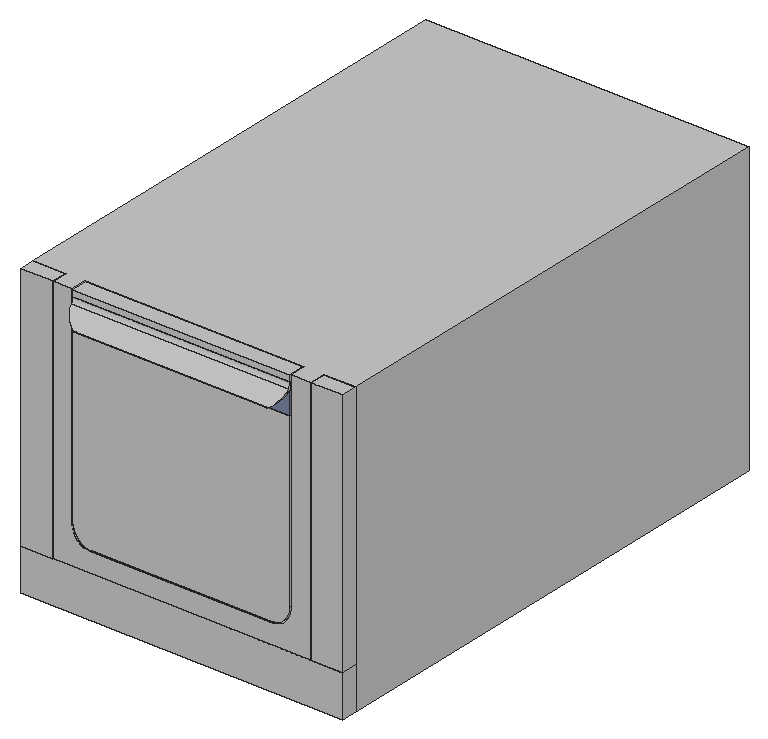
Revit family "QF_ELECTROLUXPROFESSIONAL_588581_MB1DCAEOOO", category Attrezzature speciali, Revit 2020
Family settings
  Quota connettore circolare = Usa diametro
  Tipo di parte = Normale
  Basato su piano di lavoro = No
  Sempre verticale = Sì
  Taglio con vuoti quando caricato = No
  Condiviso = No
  Punto di calcolo locali = No
Parameters (values of type "Standard")
  Weight = 22.00 kg
  Watts = 0 W
  Volts = 0 V
  URL Manufacturer = "https://www.electroluxprofessional.com/"
  URL = "https://www.electroluxprofessional.com/"
  Steam Supply Size = 0"
  Steam Supply Minimum Pressure = 0.00 psi
  Steam Supply Maximum Pressure = 0.00 psi
  Steam Consumption per Hour = 0
  Refrigeration Suction Line Size = 0 mm
  Refrigeration Liquid Line Size = 0 mm
  Refrigerant Compressor Remote = yes
  Prospetto di default = 0 mm
  Phase = 0
  Modello = "MB1DCAEOOO"
  Produttore = "Electrolux Professional"
  Length Actual = 500 mm  # constant formula
  Item Number = "588581"
  Hot Water Size = 0"
  Height Actual = 450 mm  # constant formula
  HP = "0 HP"
  Gas Size = 0"
  Gas KW = 0
  Gas Input Pressure = 0.0 Btu/h
  Direct Waste Size = 0"
  Descrizione = "CUPBOARD BASE,GN,1 DR,1-S,H2-500X850X450"
  Depth Actual = 850 mm  # constant formula
  Cycle = 0 Hz
  Condensate Return Size = 0"
  Compressed Air Volume = 0 GPM
  Compressed Air Size = 0"
  Compressed Air Pressure = 0.00 psi
  Cold Water Size = 0"
  Accessory = yes
Reference planes
  plane 1 "BACK": y = 0
  plane 2: z = 0
  plane 3 "LEFT": x = 0
  plane 4 "RIGHT": x = 500
  plane 5 "FRONT": y = -850
  plane 6 "PLAIN": z = 900
  plane 7 "Center (Left/Right)": x = 250
  plane 8 "Center (Front/Back)": y = -425
  plane 9 "TOP": z = 650
  plane 10 "BASE": z = 200
  plane 11: x = 422
  plane 12: x = 78
  plane 13 "Feet_back": y = -150
  plane 14 "Feet_Front": y = -720
  plane 15: x = 50
  plane 16: x = 450
  plane 17: z = 265
  plane 18: y = -45
  plane 19: y = -805
  plane 20: y = -70
  plane 21: y = -830
  plane 22 "ButtonZ": z = 590
Forms (mm)
  Extrusion 1, solid, material "QF_Finishes_Stainless Steel"
    sketch origin (0, 0, 650) x (0, 1, 0) y (0, 0, 1)
      loop
        line (-45, -450) -> (-45, 0) -> (-805, 0) -> (-805, -450) -> (-45, -450)
    from 0 to 500
  Extrusion 2, solid, material "QF_Finishes_Stainless Steel"
    sketch origin (0, 0, 650) x (0, 1, 0) y (0, 0, 1)
      loop
        line (-830, -450) -> (-805, -450) -> (-805, -385) -> (-830, -385) -> (-830, -450)
    from 0 to 500
  Extrusion 3, void
    sketch origin (0, -850, 0) x (1, 0, 0) y (0, 0, 1)
      loop
        line (50, 650) -> (50, 265) -> (450, 265) -> (450, 650) -> (50, 650)
    from 0 to -780
  Extrusion 4, solid, material "QF_Finishes_Stainless Steel"
    sketch origin (0, -850, 0) x (1, 0, 0) y (0, 0, 1)
      loop
        line (80, 650) -> (80, 627) -> (420, 627) -> (420, 650) -> (80, 650)
    from -45 to -805
  Extrusion 5, solid, material "QF_Finishes_Stainless Steel"
    sketch origin (0, -850, 0) x (1, 0, 0) y (0, 0, 1)
      loop
        line (50, 650) -> (50, 265) -> (450, 265) -> (450, 650) -> (420, 650) -> (420, 325)
        arc (420, 325) -> (411.213, 303.787) -> (390, 295) r 30
        line (390, 295) -> (110, 295)
        arc (110, 295) -> (88.787, 303.787) -> (80, 325) r 30
        line (80, 325) -> (80, 650) -> (50, 650)
    from -20 to -780
  Extrusion 6, solid, material "QF_Finishes_Stainless Steel"
    sketch origin (0, -850, 0) x (1, 0, 0) y (0, 0, 1)
      loop
        line (0, 650) -> (0, 265) -> (50, 265) -> (50, 650) -> (0, 650)
    from -20 to -45
  Extrusion 7, solid, material "QF_Finishes_Stainless Steel"
    sketch origin (0, -850, 0) x (1, 0, 0) y (0, 0, 1)
      loop
        line (450, 650) -> (450, 265) -> (500, 265) -> (500, 650) -> (450, 650)
    from -20 to -45
Cuts and joins
  Extrusion 3 cuts Extrusion 1
  joined: Extrusion 1, Extrusion 4, Extrusion 5
Lines and regions (mm)
  symbolic lines, style "SpecialityEquipmentHiddenLines"
    curve 1: line (0, 0, 0) -> (500, 0, 0)
    curve 2: line (0, -850, 0) -> (0, 0, 0)
    curve 3: line (500, -850, 0) -> (0, -850, 0)
    curve 4: line (500, 0, 0) -> (500, -850, 0)
Dimensions and locks
  plane 3 "LEFT" to plane 4 "RIGHT" = 500 mm
  plane 5 "FRONT" to plane 1 "BACK" = 850 mm
  equal spacing: plane 3 "LEFT", plane 7 "Center (Left/Right)", plane 4 "RIGHT"
  equal spacing: plane 5 "FRONT", plane 8 "Center (Front/Back)", plane 1 "BACK"
  plane 6 "PLAIN" to plane 9 "TOP" = 250 mm
  plane 10 "BASE" to level = 200 mm
  plane 9 "TOP" to plane 10 "BASE" = 450 mm
  locked: plane 1 "BACK" to plane 13 "Feet_back" at 150
  locked: plane 14 "Feet_Front" to plane 5 "FRONT" at 130
  locked: plane 12 to plane 3 "LEFT" at 78
  locked: plane 11 to plane 4 "RIGHT" at 78
  plane 16 to plane 15 = 400 mm
  equal spacing: plane 16, plane 7 "Center (Left/Right)", plane 15
  locked: plane 17 to plane 10 "BASE" at 65
  locked: plane 1 "BACK" to plane 18 at 45
  plane 9 "TOP" to Extrusion 4 sketch curve = 23 mm
  locked: Extrusion 4 sketch curve to plane 15 at 30
  locked: plane 16 to Extrusion 4 sketch curve at 30
  locked: Extrusion 5 sketch curve to plane 17 at 30
  plane 6 "PLAIN" to level = 900 mm
  Extrusion 5 to Extrusion 5 = 340 mm
  locked: plane 18 to plane 20 at 25
  locked: plane 21 to plane 5 "FRONT" at 20
  locked: plane 19 to plane 21 at 25
  plane 18 to plane 21 = 785 mm
  plane 22 "ButtonZ" to level = 590 mm
  aligned and locked: level to plane 2
  aligned and locked: Extrusion 1 to plane 4 "RIGHT"
  aligned and locked: Extrusion 1 to plane 3 "LEFT"
  aligned and locked: Extrusion 2 to plane 4 "RIGHT"
  aligned and locked: plane 9 "TOP" to Extrusion 3 sketch curve
  aligned and locked: Extrusion 3 sketch curve to plane 15
  aligned and locked: plane 16 to Extrusion 3 sketch curve
  aligned and locked: Extrusion 2 to plane 10 "BASE"
  aligned and locked: Extrusion 2 to plane 17
  aligned and locked: plane 17 to Extrusion 3 sketch curve
  aligned and locked: Extrusion 4 to plane 18
  aligned and locked: Extrusion 5 sketch curve to plane 15
  aligned and locked: plane 16 to Extrusion 5 sketch curve
  aligned and locked: plane 9 "TOP" to Extrusion 5 sketch curve  (x2)
  aligned and locked: plane 17 to Extrusion 5 sketch curve
  aligned and locked: Extrusion 5 sketch curve to Extrusion 4  (x2)
  aligned and locked: Extrusion 6 sketch curve to plane 9 "TOP"
  aligned and locked: plane 3 "LEFT" to Extrusion 6 sketch curve
  aligned and locked: Extrusion 6 sketch curve to plane 17
  aligned and locked: Extrusion 6 sketch curve to plane 15
  aligned and locked: Extrusion 7 sketch curve to plane 9 "TOP"
  aligned and locked: plane 16 to Extrusion 7 sketch curve
  aligned and locked: Extrusion 7 sketch curve to plane 17
  aligned and locked: plane 4 "RIGHT" to Extrusion 7 sketch curve
  aligned and locked: cut or joined group of Extrusion 1, Extrusion 3, Extrusion 4, Extrusion 5 to Extrusion 4
  aligned and locked: plane 7 "Center (Left/Right)" to nested 1
  aligned and locked: Extrusion 5 to plane 20
  aligned and locked: cut or joined group of Extrusion 1, Extrusion 3, Extrusion 4, Extrusion 5 to plane 20
  aligned and locked: cut or joined group of Extrusion 1, Extrusion 3, Extrusion 4, Extrusion 5 to plane 18
  aligned and locked: plane 19 to Extrusion 4
  aligned and locked: Extrusion 6 to plane 19
  aligned and locked: plane 21 to Extrusion 6
  aligned and locked: plane 21 to Extrusion 5
  aligned and locked: plane 21 to Extrusion 7
  aligned and locked: Extrusion 7 to plane 19
  aligned and locked: Extrusion 2 to plane 19
  aligned and locked: plane 21 to Extrusion 2
Automatic sketch dimensions
  Extrusion 1 sketch curve to plane 10 "BASE" = 0 mm
  Extrusion 1 sketch curve to plane 9 "TOP" = 0 mm
  plane 1 "BACK" to Extrusion 1 sketch curve = 45 mm
  Extrusion 1 sketch curve to plane 5 "FRONT" = 45 mm
  Extrusion 2 sketch curve to plane 5 "FRONT" = 20 mm
  Extrusion 2 sketch curve to plane 9 "TOP" = 385 mm
  plane 10 "BASE" to Extrusion 2 sketch curve = 0 mm
  Extrusion 2 sketch curve to plane 5 "FRONT" = 45 mm
  Extrusion 4 sketch curve to plane 9 "TOP" = 0 mm
  Extrusion 5 sketch curve to Extrusion 5 sketch curve = 30 mm  (x2)
  curve 3 to plane 3 "LEFT" = 0 mm
  curve 3 to plane 4 "RIGHT" = 0 mm
  plane 5 "FRONT" to curve 3 = 0 mm
  plane 1 "BACK" to curve 2 = 0 mm
Nested families
  nested 1: "H450H2_1DOOR" at (213.958, -805, 200) x (1, 0, 0) z (0, -1, 0), type "H450H2_1DOOR"
    with Width 340 mm, Show Clearance yes
Definition of nested family "H450H2_1DOOR"
  Parameters
    Width [instance] = 340 mm
    Show Clearance [instance] = yes
    Model = "727995"
    Height = 450 mm
    Default Elevation = 0 mm
  Reference planes
    plane 1 "Center (Front/Back)": y = 0
    plane 2: z = 0
    plane 3 "Center (Left/Right)": x = 36.042
    plane 4 "panel": z = 25
    plane 5: x = -133.958
    plane 6: x = 206.042
    plane 7: y = 450
    plane 8: z = 340
    plane 9: z = 45
    plane 10: x = -108.958
  Forms (mm)
    Extrusion 1, solid
      sketch origin (0, -919.2, 0) x (1, 0, 0) y (0, 1, 0)
        loop
          line (-980.5, 2119.2) -> (-980.5, -162.846) -> (881.94, -162.846) -> (881.94, 2119.2) -> (-980.5, 2119.2)
      from 0 to -59.546
    Extrusion 2, solid
      sketch origin (0, 0, 0) x (1, 0, 0) y (0, 1, 0)
        loop
          arc (-131.958, 127) -> (-123.171, 105.787) -> (-101.958, 97) r 30
          line (-101.958, 97) -> (174.042, 97)
          arc (174.042, 97) -> (195.255, 105.787) -> (204.042, 127) r 30
          line (204.042, 127) -> (204.042, 393) -> (-131.958, 393) -> (-131.958, 127)
      from 0 to 25
    Extrusion 3, solid
      sketch origin (0, 0, 0) x (1, 0, 0) y (0, 1, 0)
        loop
          line (-131.958, 393) -> (204.042, 393) -> (204.042, 440) -> (-131.958, 440) -> (-131.958, 393)
      from 0 to 25
    Extrusion 4, solid
      sketch origin (36.042, 0, 0) x (0, 1, 0) y (0, 0, 1)
        loop
          line (426.693, 25) -> (440.02, 25)
          arc (440.02, 25) -> (435.261, 25.775) -> (430.993, 28.02) r 15
          line (430.993, 28.02) -> (406.653, 46.362) -> (403.644, 42.369) -> (426.693, 25)
      from -168 to 168
    Extrusion 5, void
      sketch origin (72.084, 0, 0) x (-1, 0, 0) y (0, -1, 0)
        loop
          line (204.042, -426.693) -> (204.042, -403.644) -> (180.317, -403.644)
          arc (180.317, -403.644) -> (194.508, -412.772) -> (204.042, -426.693) r 42.603
      from 25 to 47.9
    Extrusion 6, solid
      sketch origin (0, 0, 0) x (1, 0, 0) y (0, 1, 0)
        loop
          line (-131.958, 440) -> (204.042, 440) -> (204.042, 450) -> (-131.958, 450) -> (-131.958, 440)
      from 0 to 25
    Extrusion 7, void
      sketch origin (0, 0, 0) x (1, 0, 0) y (0, 1, 0)
        loop
          arc (204.042, 426.693) -> (194.508, 412.772) -> (180.317, 403.644) r 42.603
          line (180.317, 403.644) -> (204.042, 403.644) -> (204.042, 426.693)
      from 25 to 47.9
    Extrusion 8, solid, detail levels coarse
      sketch origin (0, 0, 0) x (1, 0, 0) y (0, 0, 1)
        loop
          line (-133.958, 340) -> (-133.958, 25) -> (206.042, 25)
          arc (206.042, 25) -> (107.107, 241.065) -> (-108.958, 340) r 340.918
          line (-108.958, 340) -> (-133.958, 340)
      from -450 to -97
  Cuts and joins
    Extrusion 5, Extrusion 7 cuts Extrusion 4
    Extrusion 7 cuts Extrusion 3
  Lines and regions (mm)
    symbolic lines
      curve 1: line (-133.958, 0, 340) -> (-133.958, 0, 45)
      curve 2: arc (203.986, 0, 44.931) -> (99.919, 0, 248.045) -> (-108.958, 0, 340) r 340.918
      curve 3: line (-108.958, 0, 45) -> (-108.958, 0, 340)
      curve 4: line (-108.958, 0, 340) -> (-133.958, 0, 340)
  Dimensions and locks
    plane 4 "panel" to level = 25 mm
    "Width": plane 5 to plane 6
    equal spacing: plane 5, plane 3 "Center (Left/Right)", plane 6
    "Height": plane 1 "Center (Front/Back)" to plane 7
    locked: plane 5 to Extrusion 2 sketch curve at 2
    locked: plane 1 "Center (Front/Back)" to Extrusion 2 sketch curve at 97
    locked: plane 7 to Extrusion 2 sketch curve at 57
    Extrusion 3 sketch curve to Extrusion 2 = 47 mm
    locked: Extrusion 2 sketch curve to plane 6 at 2
    "Width": Extrusion 1 to plane 8
    locked: plane 10 to plane 5 at 25
    aligned and locked: plane 2 to Extrusion 1
    aligned and locked: level to Extrusion 1
    aligned and locked: plane 4 "panel" to Extrusion 2
    aligned and locked: plane 4 "panel" to Extrusion 3
    aligned and locked: Extrusion 4 to Extrusion 3
    aligned and locked: Extrusion 3 to Extrusion 4
    aligned and locked: Extrusion 3 to Extrusion 2
    aligned and locked: cut or joined group of Extrusion 4, Extrusion 5, Extrusion 7 to plane 4 "panel"
    aligned and locked: plane 7 to Extrusion 6 sketch curve
    aligned and locked: plane 4 "panel" to Extrusion 6
    aligned and locked: Extrusion 2 to Extrusion 6
    aligned and locked: Extrusion 7 sketch curve to Extrusion 2
    aligned and locked: Extrusion 2 to cut or joined group of Extrusion 4, Extrusion 5, Extrusion 7
    aligned and locked: plane 5 to Extrusion 8 sketch curve
    aligned and locked: plane 4 "panel" to Extrusion 8 sketch curve
    aligned and locked: plane 7 to Extrusion 8
    aligned and locked: Extrusion 2 to Extrusion 8
  Automatic sketch dimensions
    Extrusion 1 sketch curve to Extrusion 1 sketch curve = 1862.44 mm
    Extrusion 1 sketch curve to Extrusion 1 sketch curve = 2282.046 mm
    Extrusion 2 sketch curve to Extrusion 2 sketch curve = 30 mm  (x2)
    plane 5 to Extrusion 3 sketch curve = 2 mm
    Extrusion 3 sketch curve to plane 6 = 2 mm
    Extrusion 3 sketch curve to Extrusion 3 sketch curve = 47 mm
    Extrusion 4 sketch curve to plane 4 "panel" = 0 mm
    plane 4 "panel" to Extrusion 4 sketch curve = 17.369 mm
    Extrusion 4 sketch curve to plane 7 = 46.356 mm
    plane 4 "panel" to Extrusion 4 sketch curve = 21.362 mm
    Extrusion 4 sketch curve to Extrusion 4 sketch curve = 3.009 mm
    plane 4 "panel" to Extrusion 4 sketch curve = 3.02 mm
    Extrusion 4 sketch curve to Extrusion 4 sketch curve = 9.027 mm
    plane 7 to Extrusion 5 sketch curve = 6.671 mm
    Extrusion 5 sketch curve to plane 5 = 41.221 mm
    Extrusion 5 sketch curve to plane 5 = 25.725 mm
    Extrusion 5 sketch curve to plane 5 = 2 mm
    plane 7 to Extrusion 5 sketch curve = 23.307 mm
    plane 5 to Extrusion 6 sketch curve = 2 mm
    Extrusion 6 sketch curve to plane 6 = 2 mm
    Extrusion 6 sketch curve to plane 7 = 10 mm
    Extrusion 7 sketch curve to Extrusion 7 sketch curve = 23.725 mm
    Extrusion 7 sketch curve to plane 7 = 6.671 mm
    Extrusion 7 sketch curve to plane 6 = 41.221 mm
    Extrusion 7 sketch curve to plane 7 = 23.307 mm
    curve 4 to plane 5 = 0 mm
    curve 3 to plane 8 = 0 mm
    plane 10 to curve 4 = 0 mm
    curve 2 to level = 0 mm
    curve 1 to plane 9 = 0 mm
    curve 3 to plane 9 = 0 mm
    curve 2 to plane 9 = 0.069 mm
    curve 2 to plane 5 = 0 mm
    Extrusion 8 sketch curve to level = 0 mm
    Extrusion 8 sketch curve to plane 5 = 0 mm
    Extrusion 8 sketch curve to plane 8 = 0 mm
    Extrusion 8 sketch curve to plane 6 = 0 mm
